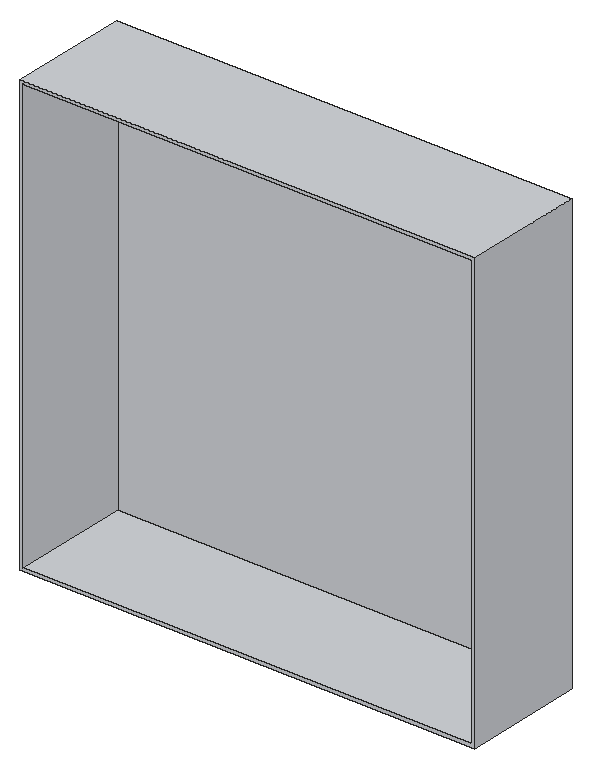
Revit family "Typ.B_TP&N_Cable_Spreader_Boxes_250A-empty-NoHosted-UK-en", category Electrical Equipment, Revit 2020
Family settings
  Panel Configuration = Two Columns, Circuits Across
  Round Connector Dimension = Use Diameter
  Part Type = Panelboard
  Work Plane-Based = Yes
  Always vertical = Yes
  Cut with Voids When Loaded = No
  Shared = No
  Room Calculation Point = No
Parameters (values of type "Surface mounted P2XC W465 H450 D124.5 0 Modular spacings - JK202LE")
  Width Control [instance] = if([HG000006 - Flush mounted], if([EF000846 - Built-in width] > min_whd, [EF000846 - Built-in width], min_whd), if([EF000008 - Width] > min_whd, ([EF000008 - Width]), min_whd))  # 465 mm
  Void Depth [instance] = if([EF000218 - Built-in depth] > 1 mm, [EF000218 - Built-in depth], 1 mm)  # 1 mm
  Type Comments = [HG000003 - Range]  # "Type B TP&N Distribution Boards"
  System Height [instance] = Height Control - 2 * [HG000005 - Thickness]  # 444 mm
  Panel Name [instance] = ""  # (empty or 0)
  Offset [instance] = 0 mm
  Model = [HG000004 - Manufacturer reference]  # "JK202LE"
  Level Offset [instance] = [Flush Mounted - Door Frame Width] + Offset  # 0 mm
  HG000017 - Distance between poles = 18 mm
  HG000016 - Door 3d visibility [instance] = yes
  HG000015 - Clearance visibility [instance] = no
  HG000014 - Door on the right [instance] = yes
  HG000013 - Door on the left [instance] = not([HG000014 - Door on the right])  # no
  HG000012 - Door swing angle [instance] = 45.00°
  HG000011 - Empty rows from bottom = no
  HG000005 - Thickness = 3 mm  # constant formula
  Description = ""
  Default Elevation = 1219.2 mm
  Arrow Offset [instance] = Depth Control / 8  # 15.5 mm
  Arrow Height [instance] = Depth Control - Arrow Offset  # 108.5 mm
  Host Offset [instance] = if([HG000006 - Flush mounted], 0 mm, [EF000049 - Depth])  # 124 mm
  min_whd [instance] = (2 * [HG000005 - Thickness]) + 1 mm  # 7 mm
  Manufacturer = "Hager"  # constant formula
  Height Control [instance] = if([HG000006 - Flush mounted], if([EF000332 - Built-in height] > min_whd, [EF000332 - Built-in height], min_whd), if([EF000040 - Height] > min_whd, ([EF000040 - Height]), min_whd))  # 450 mm
  HG000010 - Asymmetric doors = no
  HG000009 - Double swing door = no
  HG000008 - Number of empty rows = 0
  HG000007 - Number of empty columns = 0
  HG000006 - Flush mounted = no
  HG000004 - Manufacturer reference = "JK202LE"
  HG000003 - Range = "Type B TP&N Distribution Boards"
  HG000002 - With door or cover = no
  HG000001 - Number of columns = 0
  Flush Mounted - Door Frame Width [instance] = if(([EF000040 - Height] - [EF000332 - Built-in height]) > 0 mm, if([HG000006 - Flush mounted], [EF000040 - Height] - [EF000332 - Built-in height], 0 mm), 0 mm)  # 0 mm
  EF015941 - Signal passing door = no
  EF015777 - Neutral terminal block = no
  EF015776 - Earthing terminal block = no
  EF009212 - Cover model = ""
  EF006306 - With lock = no
  EF006244 - Transparent cover/door = no
  EF005474 - Degree of protection (IP) = "EV009848 - IP2XC"
  EF004462 - Type of closure = "EV000154 - Other"
  EF002950 - Width in number of modular spacings = 0
  EF001596 - Material housing = "EV000179 - Steel"
  EF001134 - DIN-rail = no
  EF001131 - Internal depth = 0 mm
  EF001088 - Extension possible = no
  EF001062 - EMC-version = no
  EF000846 - Built-in width = 0 mm
  EF000339 - Type of cover = "EV005746 - Optional"
  EF000332 - Built-in height = 0 mm
  EF000266 - Number of rows = 0
  EF000218 - Built-in depth = 0 mm
  EF000118 - With mounting plate = no
  EF000116 - RAL-number = "7035"
  EF000049 - Depth = 124 mm
  EF000040 - Height = 450 mm
  EF000008 - Width = 465 mm
  EF000007 - Colour = "EV000154 - Other"
  EF000003 - Mounting method = "EV000384 - Surface mounted (plaster)"
  Depth Control [instance] = if([HG000006 - Flush mounted], if([EF000218 - Built-in depth] > 0 mm, [EF000218 - Built-in depth], 1 mm), if([EF000049 - Depth] > 0 mm, ([EF000049 - Depth]), 1 mm))  # 124 mm
Types (2, lengths in mm): name | System Height | Model | Height Control | HG000004 - Manufacturer reference | EF005474 - Degree of protection (IP) | EF000040 - Height
  Surface mounted  W465 H300 D124.5 0 Modular spacings - JK201SE | 294 | "JK201SE" | 300 | "JK201SE" | "" | 300
  Surface mounted P2XC W465 H450 D124.5 0 Modular spacings - JK202LE | 444 | "JK202LE" | 450 | "JK202LE" | "EV009848 - IP2XC" | 450
Reference planes
  plane 1 "Center (Front/Back)": y = 0
  plane 2: z = 0
  plane 3 "Center (Left/Right)": x = 0
  plane 4: y = 3
  plane 5: y = 0
  plane 6: y = 0
  plane 7: z = 0
  plane 8: x = -232.5
  plane 9: x = 232.5
  plane 10: x = 229.5
  plane 11: x = -229.5
  plane 12: z = 0
  plane 13: z = 3
  plane 14: y = -119
  plane 15: y = -124
  plane 16: y = -3
  plane 17: z = 447
  plane 18: z = 450
  plane 19: z = 225
  plane 20: x = 0
  plane 21: y = -100
Forms (mm)
  Extrusion 1, solid
    sketch origin (-208.679, -4572, 0) x (-1, 0, 0) y (0, -1, 0)
      loop
        line (23.821, -4448) -> (-441.179, -4448) -> (-441.179, -4572) -> (23.821, -4572) -> (23.821, -4448)
    from 0 to 450 <- "Height Control"
  Extrusion 2, void
    sketch origin (-350.771, -124, 1219.2) x (1, 0, 0) y (0, 0, 1)
      loop
        line (121.271, -772.2) -> (121.271, -1216.2) -> (580.271, -1216.2) -> (580.271, -772.2) -> (121.271, -772.2)
    from 0 to -121
  Extrusion 3, solid, detail levels coarse+medium
    sketch origin (-350.771, -124, 1219.2) x (-1, 0, 0) y (0, 0, 1)
      loop
        line (-121.271, -772.2) -> (-580.271, -772.2) -> (-580.271, -1216.2) -> (-121.271, -1216.2) -> (-121.271, -772.2)
    from 0 to 3 <- "HG000005 - Thickness"
Cuts and joins
  Extrusion 2 cuts Extrusion 1
Dimensions and locks
  "Flush Mounted - Door Frame Width": plane 1 "Center (Front/Back)" to plane 6
  "HG000005 - Thickness": plane 4 to plane 6
  "HG000005 - Thickness": plane 8 to plane 11
  "HG000005 - Thickness": plane 9 to plane 10
  equal spacing: plane 8, plane 3 "Center (Left/Right)", plane 9
  "Width Control": plane 8 to plane 9
  locked: plane 14 to plane 15 at 5
  "Host Offset": plane 1 "Center (Front/Back)" to plane 15
  "Depth Control": plane 5 to plane 15
  "HG000005 - Thickness": plane 5 to plane 16
  "HG000005 - Thickness": plane 13 to plane 12
  "Level Offset": plane 12 to level
  "HG000005 - Thickness": plane 18 to plane 17
  "Height Control": plane 18 to plane 12
  "Arrow Offset": plane 5 to nested 4
  equal spacing: plane 18, plane 19, plane 12
  locked: connector elem to plane 19
  locked: connector elem to plane 3 "Center (Left/Right)"
  aligned and locked: nested 1 to plane 14
  aligned and locked: plane 3 "Center (Left/Right)" to nested 1
  aligned and locked: plane 3 "Center (Left/Right)" to nested 2
  aligned and locked: nested 2 to plane 15
  aligned and locked: plane 5 to Extrusion 1
  aligned and locked: Extrusion 3 sketch curve to plane 17
  aligned and locked: Extrusion 3 sketch curve to plane 11
  aligned and locked: Extrusion 3 sketch curve to plane 13
  aligned and locked: Extrusion 3 sketch curve to plane 10
  aligned and locked: Extrusion 2 sketch curve to plane 13
  aligned and locked: Extrusion 2 sketch curve to plane 10
  aligned and locked: Extrusion 2 sketch curve to plane 17
  aligned and locked: Extrusion 2 sketch curve to plane 11
  aligned and locked: plane 16 to Extrusion 2
  aligned and locked: plane 5 to Extrusion 1 sketch curve
  aligned and locked: plane 9 to Extrusion 1 sketch curve
  aligned and locked: plane 8 to Extrusion 1 sketch curve
  aligned and locked: plane 8 to nested 4
  aligned and locked: plane 8 to nested 3
  aligned and locked: nested 3 to plane 5
  aligned and locked: Extrusion 1 sketch curve to plane 15
  aligned and locked: Extrusion 2 to plane 15
Nested families
  nested 1: "Hager_Enclosure_System" at (0, -119, 3), Flush_Mounted <- "HG000006 - Flush mounted", Width <- "EF000008 - Width", Height <- "System Height", Width_Control <- "Width Control", Row_Module_Multiplicator <- "EF002950 - Width in number of modular spacings", Empty_Columns <- "HG000007 - Number of empty columns", Built-in_Width <- "EF000846 - Built-in width", Border <- "HG000005 - Thickness", Total_No_Empty_Rows <- "HG000008 - Number of empty rows", Depth <- "HG000005 - Thickness", Empty_Rows_From_Bottom <- "HG000011 - Empty rows from bottom", Distance_Between_Poles <- "HG000017 - Distance between poles", Rows_Count <- "EF000266 - Number of rows", Columns_Count <- "HG000001 - Number of columns", type "Hager_Enclosure_System", detail levels medium+fine
    with Width_Control 465 mm, Width 465 mm, Total_No_Rows 0, Total_No_Empty_Rows 0, Total_No_Columns 1, System_Width 459 mm, Rows_Count 0, Rows_Column 0, Row_Module_Multiplicator 0, Panel_4 no, Panel_3 no, Panel_2 no, Panel_1 no, No_Panels_Ctrl 1, Hide_Columns yes, Height 444 mm, Flush_Mounted no, Empty_Rows_From_Bottom no, Empty_Rows_Column 0, Empty_Columns 0, Distance_Between_Poles 18 mm, Depth 3 mm, Columns_Count 0, Column_Width 459 mm, Built-in_Width 0 mm, Border 3 mm
  nested 2: "Hager_Enclosure_Door" at (0, -124, 0), Double <- "HG000009 - Double swing door", Height_Ctrl <- "Height Control", Transparent <- "EF006244 - Transparent cover/door", Depth <- "EF000049 - Depth", Height <- "EF000040 - Height", Angle <- "HG000012 - Door swing angle", Door_Right <- "HG000014 - Door on the right", Assymetrical <- "HG000010 - Asymmetric doors", Flush_Mounted <- "HG000006 - Flush mounted", BuiltIn_Depth <- "EF000218 - Built-in depth", BuiltIn_Width <- "EF000846 - Built-in width", Door <- "HG000002 - With door or cover", Width_Ctrl <- "Width Control", 3d_Door <- "HG000016 - Door 3d visibility", Width <- "EF000008 - Width", Border <- "HG000005 - Thickness", BuiltIn_Height <- "EF000332 - Built-in height", Clearance <- "HG000015 - Clearance visibility", Door_Left <- "HG000013 - Door on the left", type "Hager_Enclosure_Door", detail levels medium+fine
    with min_wh 7 mm, Width_Ctrl 465 mm, Width 465 mm, Transparent_Door_No_Bottom_Border no, Transparent no, Leaf_Width 456 mm, Leaf_Tolerance 1.5 mm, Leaf_Height 441 mm, Leaf_2_Width 456 mm, Leaf_2_Offset 228 mm, Leaf_1_Width 456 mm, Leaf_1_Offset 228 mm, Height_Ctrl 450 mm, Height 450 mm, Frame_Width_Ctrl 465 mm, Frame_Width 465 mm, Frame_Internal_Offset 0 mm, Frame_Height_Ctrl 450 mm, Frame_Height 450 mm, Frame_Depth_Ctrl 1 mm, Frame_Depth 0 mm, Flush_Mounted no, Double_Clearance_Ctrl no, Double no, Door_Right_Ctrl no, Door_Right yes, Door_Left_Ctrl no, Door_Left no, Door no, Depth 124 mm, Clearance_Depth 456 mm, Clearance_Ctrl no, Clearance no, BuiltIn_Width 0 mm, BuiltIn_Height 0 mm, BuiltIn_Depth 0 mm, Border 3 mm, Assymetrical no, Angle 45.00°, 3d_Door yes
  nested 3: "Hager_Enclosure_Symbol_Triangle" at (-232.5, 0, 0), Depth <- "Depth Control", Width <- "Width Control", type "Hager_Enclosure_Symbol_Triangle"
    with Width_Ctrl 465 mm, Width 465 mm, Depth_Ctrl 124 mm, Depth 124 mm
  nested 4: "Hager_Enclosure_Symbol_Arrow" at (-232.5, -15.5, 0), Height <- "Arrow Height", type "Hager_Enclosure_Symbol_Arrow"
    with Width_Inside 8.137 mm, Width 97.65 mm, Height_Ctrl 108.5 mm, Height 108.5 mm
Connectors
  electrical at (0, 0, 225)
    settings: on plane 5, index 1, voltage 0 V, apparent load 0 VA, apparent load phase1 0 VA, apparent load phase2 0 VA, apparent load phase3 0 VA, power factor 1, load classification "Other", number of poles 1, system type 30, power factor state 1, is connector primary yes, connector utility no, sub classification motor no, connector description ""
Definition of nested family "Hager_Enclosure_Door"
  Parameters (values of type "Hager_Enclosure_Door")
    min_wh [instance] = (2 * Border) + 1 mm  # 11 mm
    Width_Ctrl [instance] = 400 mm
    Width [instance] = 500 mm
    Transparent_Door_No_Bottom_Border [instance] = no
    Transparent [instance] = yes
    Leaf_Width [instance] = if((Width_Ctrl - 2 * Border - 2 * Leaf_Tolerance) > 0 mm, (Width_Ctrl - 2 * Border - 2 * Leaf_Tolerance), min_wh)  # 387 mm
    Leaf_Tolerance [instance] = 1.5 mm  # constant formula
    Leaf_Height [instance] = if((Height_Ctrl - 2 * Border - 2 * Leaf_Tolerance) > 0 mm, (Height_Ctrl - 2 * Border - 2 * Leaf_Tolerance), min_wh)  # 387 mm
    Leaf_2_Width [instance] = if(and(and(Double, Assymetrical), Door_Left), (Leaf_Width / 3) - (Leaf_Tolerance / 2), if(and(and(Double, Assymetrical), Door_Right), (Leaf_Width / 3) * 2 - (Leaf_Tolerance / 2), if(and(Double, not(Assymetrical)), (Leaf_Width / 2) - Leaf_Tolerance, Leaf_Width)))  # 387 mm
    Leaf_2_Offset [instance] = if(and(Double, Assymetrical), Leaf_2_Width / 2, if(and(Double, not(Assymetrical)), Leaf_Width / 4, Leaf_Width / 2))  # 193.5 mm
    Leaf_1_Width [instance] = if(and(and(Double, Assymetrical), Door_Right), (Leaf_Width / 3) - (Leaf_Tolerance / 2), if(and(and(Double, Assymetrical), Door_Left), (Width / 3) * 2 - (Leaf_Tolerance / 2), if(and(Double, not(Assymetrical)), (Leaf_Width / 2) - Leaf_Tolerance, Leaf_Width)))  # 387 mm
    Leaf_1_Offset [instance] = if(and(Double, Assymetrical), Leaf_1_Width / 2, if(and(Double, not(Assymetrical)), Leaf_Width / 4, Leaf_Width / 2))  # 193.5 mm
    Height_Ctrl [instance] = 400 mm
    Height [instance] = 500 mm
    Frame_Width_Ctrl [instance] = if(Frame_Width > 0 mm, Frame_Width, 1 mm)  # 1 mm
    Frame_Width [instance] = Width - BuiltIn_Width  # 0 mm
    Frame_Internal_Offset [instance] = if(Flush_Mounted, Border, 0 mm)  # 5 mm
    Frame_Height_Ctrl [instance] = if(Frame_Height > 0 mm, Frame_Height, 1 mm)  # 1 mm
    Frame_Height [instance] = Height - BuiltIn_Height  # 0 mm
    Frame_Depth_Ctrl [instance] = if(Frame_Depth > 0 mm, Frame_Depth, 1 mm)  # 1 mm
    Frame_Depth [instance] = if(Depth - BuiltIn_Depth > 0 mm, if(Flush_Mounted, Depth - BuiltIn_Depth, 0 mm), 0 mm)  # 0 mm
    Flush_Mounted [instance] = yes
    Double_Clearance_Ctrl [instance] = and(Double, Clearance)  # no
    Double [instance] = no
    Door_Right_Ctrl [instance] = and(or(Door_Right, Double), Door)  # yes
    Door_Right [instance] = yes
    Door_Left_Ctrl [instance] = and(or(Door_Left, Double), Door)  # no
    Door_Left [instance] = no
    Door [instance] = yes
    Depth [instance] = 500 mm
    Default Elevation = 1219.2 mm
    Clearance_Material = none
    Clearance_Depth [instance] = if(Leaf_1_Width > Leaf_2_Width, Leaf_1_Width, Leaf_2_Width)  # 387 mm
    Clearance_Ctrl [instance] = and(not(Double), Clearance)  # yes
    Clearance [instance] = yes
    BuiltIn_Width [instance] = 500 mm
    BuiltIn_Height [instance] = 500 mm
    BuiltIn_Depth [instance] = 500 mm
    Border [instance] = 5 mm
    Assymetrical [instance] = yes
    Angle [instance] = 30.00°
    3d_Door [instance] = yes
  Reference planes
    plane 1 "Center (Front/Back)": y = 0
    plane 2 "Bottom": z = 0
    plane 3 "Center (Left/Right)": x = 0
    plane 4: z = 400
    plane 5: x = -200
    plane 6: x = 200
    plane 7: z = 395
    plane 8: x = -195
    plane 9: z = 5
    plane 10: x = 195
    plane 11: y = 0
    plane 12: z = 6.5
    plane 13: x = -582
    plane 14: y = -387
    plane 15: x = 582
    plane 16: x = 0
    plane 17: x = 0
    plane 18: x = -193.5
    plane 19: x = 193.5
    plane 20: z = 393.5
  Forms (mm)
    Extrusion 1, solid, visible <- "Flush_Mounted"
      sketch origin (0, 0, 0) x (1, 0, 0) y (0, 0, 1)
        loop
          line (195, 5) -> (195, 395) -> (-195, 395) -> (-195, 5) -> (195, 5)
        loop
          line (-201, 401) -> (-201, -1) -> (201, -1) -> (201, 401) -> (-201, 401)
      from 0 to 1 <- "Frame_Depth_Ctrl"
    Extrusion 2, solid, material <- "Clearance_Material", visible <- "Double_Clearance_Ctrl"
      sketch origin (1200, 0, 0) x (1, 0, 0) y (0, 0, -1)
        loop
          line (-1782, -393.5) -> (-618, -393.5) -> (-618, 0) -> (-1782, 0) -> (-1782, -393.5)
      from 0 to -387
  Dimensions and locks
    equal spacing: plane 5, plane 3 "Center (Left/Right)", plane 6
    "Width_Ctrl": plane 5 to plane 6
    "Border": plane 5 to plane 8
    "Border": plane 6 to plane 10
    "Border": plane 9 to level
    "Border": plane 4 to plane 7
    "Height_Ctrl": plane 4 to level
    "Leaf_Tolerance": plane 12 to plane 9
    "Frame_Depth": plane 11 to plane 1 "Center (Front/Back)"
    "Frame_Width_Ctrl": plane 5 to Extrusion 1 sketch curve
    "Frame_Width_Ctrl": plane 6 to Extrusion 1 sketch curve
    "Frame_Width_Ctrl": Extrusion 1 sketch curve to plane 4
    "Frame_Width_Ctrl": plane 2 "Bottom" to Extrusion 1 sketch curve
    "Leaf_1_Offset": plane 18 to plane 16
    "Leaf_2_Offset": plane 17 to plane 19
    "Leaf_1_Width": plane 13 to plane 8
    "Leaf_2_Width": plane 10 to plane 15
    "Clearance_Depth": plane 14 to plane 1 "Center (Front/Back)"
    "Leaf_Tolerance": plane 8 to plane 18
    "Leaf_Tolerance": plane 19 to plane 10
    "Leaf_Tolerance": plane 7 to plane 20
    "Frame_Internal_Offset": plane 5 to Extrusion 1 sketch curve
    "Frame_Internal_Offset": Extrusion 1 sketch curve to plane 2 "Bottom"
    "Frame_Internal_Offset": plane 6 to Extrusion 1 sketch curve
    "Frame_Internal_Offset": plane 4 to Extrusion 1 sketch curve
    aligned and locked: level to plane 2 "Bottom"
    aligned and locked: nested 1 to plane 16
    aligned and locked: nested 2 to plane 17
    aligned and locked: Extrusion 2 to plane 13
    aligned and locked: plane 15 to Extrusion 2
    aligned and locked: Extrusion 2 to plane 14
    aligned and locked: plane 12 to nested 1
    aligned and locked: nested 2 to plane 12
    aligned and locked: Extrusion 2 to plane 11
    aligned and locked: plane 20 to Extrusion 2
    aligned and locked: nested 2 to plane 11
    aligned and locked: nested 1 to plane 11
  Automatic sketch dimensions
    Extrusion 2 sketch curve to level = 0 mm
    plane 5 to Extrusion 2 sketch curve = 382 mm
    plane 6 to Extrusion 2 sketch curve = 382 mm
    Extrusion 2 sketch curve to plane 4 = 6.5 mm
  Nested families
    nested 1: "Hager_Enclosure_Door_Leaf" at (0, 0, 6.5), Width <- "Leaf_1_Width", visible <- "Door_Left_Ctrl", Leaf_Height <- "Leaf_Height", Angle <- "Angle", Depth <- "Border", 3d_Door <- "3d_Door", Transparent <- "Transparent", Clearance Material <- "Clearance_Material", Clearance <- "Clearance_Ctrl", Transparent_Door_No_Bottom_Border <- "Transparent_Door_No_Bottom_Border", type "Hager_Enclosure_Door_Leaf"
      with Width 387 mm, Transparent_Door_No_Bottom_Border no, Transparent_Door_Border_Bottom_Top 25 mm, Transparent_Door_Border 25 mm, Transparent_Ctrl yes, Transparent yes, Standard no, Leaf_Height 387 mm, Glass_Offset 1 mm, Depth 5 mm, Clearance Material none, Clearance yes, Angle_Ctrl 30.00°, Angle 30.00°, 3d_Door yes
    nested 2: "Hager_Enclosure_Door_Leaf" at (0, 0, 6.5) x (-1, 0, 0) z (0, 0, 1), Width <- "Leaf_2_Width", visible <- "Door_Right_Ctrl", Leaf_Height <- "Leaf_Height", Angle <- "Angle", Depth <- "Border", 3d_Door <- "3d_Door", Transparent <- "Transparent", Clearance Material <- "Clearance_Material", Clearance <- "Clearance_Ctrl", Transparent_Door_No_Bottom_Border <- "Transparent_Door_No_Bottom_Border", type "Hager_Enclosure_Door_Leaf"
      with Width 387 mm, Transparent_Door_No_Bottom_Border no, Transparent_Door_Border_Bottom_Top 25 mm, Transparent_Door_Border 25 mm, Transparent_Ctrl yes, Transparent yes, Standard no, Leaf_Height 387 mm, Glass_Offset 1 mm, Depth 5 mm, Clearance Material none, Clearance yes, Angle_Ctrl 30.00°, Angle 30.00°, 3d_Door yes
  Definition of nested family "Hager_Enclosure_Door_Leaf"
    Parameters (values of type "Hager_Enclosure_Door_Leaf")
      Width [instance] = 2000 mm
      Transparent_Door_No_Bottom_Border [instance] = yes
      Transparent_Door_Border_Bottom_Top [instance] = if(Transparent_Door_No_Bottom_Border, 0.1 mm, Transparent_Door_Border)  # 0.1 mm
      Transparent_Door_Border [instance] = if(Transparent_Door_No_Bottom_Border, (Width * 0.12), 25 mm)  # 240 mm
      Transparent_Ctrl [instance] = and(Transparent, [3d_Door])  # yes
      Transparent [instance] = yes
      Standard [instance] = and(not(Transparent), [3d_Door])  # no
      Leaf_Height [instance] = 2720.336 mm
      Glass_Offset [instance] = if((Depth - 10 mm) / 2 > 0 mm, (Depth - 10 mm) / 2, 1 mm)  # 15 mm
      Glass_Material = none
      Depth [instance] = 40 mm
      Default Elevation = 0 mm
      Clearance Material [instance] = none
      Clearance [instance] = yes
      Angle_Ctrl [instance] = if(Angle > 170.00°, 170.00°, Angle)  # 45.00°
      Angle [instance] = 45.00°
      3d_Door [instance] = yes
    Reference planes
      plane 1 "Center (Front/Back)": y = 0
      plane 2: z = 0
      plane 3 "Center (Left/Right)": x = 0
      plane 4: y = 2000
      plane 5: x = -1000
      plane 6: x = 1000
      plane 7: x = -3000
      plane 8: z = 2720.336
      plane 9: z = 0.1
      plane 10: z = 2720.236
      plane 11: x = 760
      plane 12: x = -760
    Forms (mm)
      Extrusion 1, solid, material <- "Clearance Material", visible <- "Clearance"
        sketch origin (0, 0, 0) x (1, 0, 0) y (0, 0, 1)
          loop
            line (-3000, 2720.336) -> (-3000, 0) -> (1000, 0) -> (1000, 2720.336) -> (-3000, 2720.336)
        from 0 to -2000
      Extrusion 2, solid, visible <- "Standard", detail levels medium+fine
        sketch origin (-1000, 0, 0) x (0.707107, 0.707107, 0) y (-0.707107, 0.707107, 0)
          loop
            line (0, -40) -> (2000, -40) -> (2000, 0) -> (0, 0) -> (0, -40)
        from 0 to 2720.336 <- "Leaf_Height"
      Extrusion 3, solid, visible <- "Transparent_Ctrl", detail levels medium+fine
        sketch origin (-1000, 0, 0) x (0.707107, 0.707107, 0) y (-0.707107, 0.707107, 0)
          loop
            line (0, -40) -> (2000, -40) -> (2000, 0) -> (0, 0) -> (0, -40)
        from 0 to 2720.336 <- "Leaf_Height"
      Extrusion 4, void, detail levels medium+fine
        sketch origin (-1000, 0, 0) x (-0.707107, 0.707107, 0) y (0.707107, 0.707107, 0)
          loop
            line (0, 240) -> (0, 1760) -> (-40, 1760) -> (-40, 240) -> (0, 240)
        from -2720.236 to -0.1
      Extrusion 5, solid, material <- "Glass_Material", visible <- "Transparent_Ctrl", detail levels medium+fine
        sketch origin (-1000, 0, 0) x (0.707107, 0.707107, 0) y (-0.707107, 0.707107, 0)
          loop
            line (240, -15) -> (240, -25) -> (1760, -25) -> (1760, -15) -> (240, -15)
        from 0.1 to 2720.236
    Cuts and joins
      Extrusion 4 cuts Extrusion 3
    Lines and regions (mm)
      symbolic lines
        curve 1: line (1000, 0, 0) -> (-3000, 0, 0)
        curve 2: arc (1000, 0, 0) -> (-1000, 2000, 0) -> (-3000, 0, 0) r 2000
        curve 4: line (-1000, 0, 0) -> (414.214, 1414.214, 0)
      reference lines
        curve 3: line (-1000, 0, 0) -> (414.214, 1414.214, 0)
      symbolic lines, detail levels medium+fine
        curve 5: line (414.214, 1414.214, 0) -> (442.498, 1385.929, 0)
        curve 6: line (442.498, 1385.929, 0) -> (-971.716, -28.284, 0)
        curve 7: line (-971.716, -28.284, 0) -> (-1000, 0, 0)
        curve 8: line (-1000, 0, 2720.336) -> (1000, 0, 2720.336)
        curve 9: line (-1000, 0, 0) -> (-1000, 0, 2720.336)
        curve 10: line (1000, 0, 0) -> (-1000, 0, 0)
        curve 11: line (1000, 0, 2720.336) -> (1000, 0, 0)
      symbolic lines, visible <- "Transparent_Ctrl", detail levels medium+fine
        curve 12: line (-760, 0, 2720.236) -> (760, 0, 2720.236)
        curve 13: line (-760, 0, 0.1) -> (-760, 0, 2720.236)
        curve 14: line (760, 0, 0.1) -> (-760, 0, 0.1)
        curve 15: line (760, 0, 2720.236) -> (760, 0, 0.1)
    Dimensions and locks
      "Width": plane 1 "Center (Front/Back)" to plane 4
      equal spacing: plane 5, plane 3 "Center (Left/Right)", plane 6
      "Width": plane 5 to plane 6
      "Width": plane 7 to plane 5
      "Leaf_Height": plane 8 to level
      "Depth": curve 6 to curve 3
      "Width": curve 5 to curve 3
      "Width": curve 3 to curve 3
      "Transparent_Door_Border": Extrusion 4 sketch curve to curve 7
      "Transparent_Door_Border": Extrusion 4 sketch curve to curve 5
      "Transparent_Door_Border_Bottom_Top": plane 8 to plane 10
      "Transparent_Door_Border_Bottom_Top": plane 9 to level
      "Glass_Offset": Extrusion 5 sketch curve to curve 4
      "Glass_Offset": Extrusion 5 sketch curve to curve 6
      "Transparent_Door_Border": Extrusion 5 sketch curve to curve 5
      "Transparent_Door_Border": Extrusion 5 sketch curve to curve 7
      "Transparent_Door_Border": plane 12 to plane 5
      "Transparent_Door_Border": plane 6 to plane 11
      "Angle_Ctrl": angle plane 1 "Center (Front/Back)" to curve 3
      aligned and locked: level to plane 2
      aligned and locked: Extrusion 1 to curve 1
      aligned and locked: plane 6 to Extrusion 1
      aligned and locked: Extrusion 1 to plane 1 "Center (Front/Back)"
      aligned and locked: plane 4 to Extrusion 1
      aligned and locked: plane 8 to Extrusion 1
      aligned and locked: curve 4 to curve 3
      aligned and locked: Extrusion 2 sketch curve to curve 7
      aligned and locked: Extrusion 2 sketch curve to curve 6
      aligned and locked: Extrusion 2 sketch curve to curve 5
      aligned and locked: Extrusion 2 sketch curve to curve 3
      aligned and locked: curve 7 to Extrusion 3 sketch curve
      aligned and locked: Extrusion 3 sketch curve to curve 4
      aligned and locked: Extrusion 3 sketch curve to curve 6
      aligned and locked: Extrusion 3 sketch curve to curve 5
      aligned and locked: curve 4 to Extrusion 4 sketch curve
      aligned and locked: curve 6 to Extrusion 4 sketch curve
      aligned and locked: Extrusion 4 to plane 9
      aligned and locked: Extrusion 4 to plane 10
      aligned and locked: Extrusion 5 to plane 9
      aligned and locked: Extrusion 5 to plane 10
      aligned and locked: curve 8 to plane 8
      aligned and locked: plane 5 to curve 9
      aligned and locked: plane 2 to curve 10
      aligned and locked: curve 11 to plane 6
      aligned and locked: plane 10 to curve 12
      aligned and locked: plane 12 to curve 13
      aligned and locked: curve 14 to plane 9
      aligned and locked: plane 11 to curve 15
    Automatic sketch dimensions
      plane 1 "Center (Front/Back)" to curve 2 = 0 mm
      curve 2 to plane 5 = 0 mm
      Extrusion 1 sketch curve to level = 0 mm
      Extrusion 1 sketch curve to plane 7 = 0 mm
      Extrusion 1 sketch curve to plane 6 = 0 mm
      Extrusion 1 sketch curve to plane 8 = 0 mm
      plane 1 "Center (Front/Back)" to curve 3 = 0 mm
      curve 3 to plane 5 = 0 mm
      curve 7 to curve 3 = 0 mm
Definition of nested family "Hager_Enclosure_Symbol_Triangle"
  Parameters (values of type "Hager_Enclosure_Symbol_Triangle")
    Width_Ctrl [instance] = if(Width > 1 mm, Width, 1 mm)  # 498 mm
    Width [instance] = 498 mm
    Depth_Ctrl [instance] = if(Depth > 1 mm, Depth, 1 mm)  # 72 mm
    Depth [instance] = 72 mm
  Reference planes
    plane 1 "Centre (avant/arrière)": y = 0
    plane 2: z = 0
    plane 3 "Centre (gauche/droite)": x = 0
  Lines and regions (mm)
    Filled region 1, type "Solid_Black", in view "Niveau de réf."
      outline origin (0, 0, 0) x (1, 0, 0) y (0, 1, 0)
        loop
          line (0, 0) -> (498, 0) -> (498, 72) -> (0, 0)
    reference lines, in view "Niveau de réf."
      curve 1: line (-206.153, 72, 0) -> (1083.258, 72, 0)
      curve 2: line (498, 405.456, 0) -> (498, -517.619, 0)
  Dimensions and locks
    "Depth_Ctrl": plane 1 "Centre (avant/arrière)" to curve 1
    "Width_Ctrl": plane 3 "Centre (gauche/droite)" to curve 2
    aligned and locked: curve 1 to Filled region 1 sketch curve
    aligned and locked: Filled region 1 sketch curve to plane 1 "Centre (avant/arrière)"
    aligned and locked: curve 2 to Filled region 1 sketch curve
    aligned and locked: plane 3 "Centre (gauche/droite)" to Filled region 1 sketch curve
    aligned and locked: plane 1 "Centre (avant/arrière)" to Filled region 1 sketch curve
  Automatic sketch dimensions
    curve 1 to plane 3 "Centre (gauche/droite)" = 206.153 mm
    curve 2 to curve 1 = 585.258 mm
    plane 1 "Centre (avant/arrière)" to curve 2 = 517.619 mm
    curve 2 to plane 1 "Centre (avant/arrière)" = 405.456 mm
Definition of nested family "Hager_Enclosure_Symbol_Arrow"
  Parameters (values of type "Hager_Enclosure_Symbol_Arrow")
    Width_Inside [instance] = if(Width / 12 > 2 mm, Width / 12, 2 mm)  # 4.987 mm
    Width [instance] = if(Height_Ctrl * 0.9 > 2 mm, Height_Ctrl * 0.9, 2 mm)  # 59.85 mm
    Height_Ctrl [instance] = if(Height > 2 mm, Height, 2 mm)  # 66.5 mm
    Height [instance] = 66.5 mm
  Reference planes
    plane 1 "Centre (avant/arrière)": y = 0
    plane 2: z = 0
    plane 3 "Centre (gauche/droite)": x = 0
    plane 4: x = 59.85
    plane 5: y = 28.263
    plane 6: y = 38.238
    plane 7: y = 66.5
    plane 8: x = 29.925
    plane 9: y = 33.25
  Lines and regions (mm)
    Filled region 1, type "Solid_Black", in view "Niveau de réf."
      outline origin (0, 0, 0) x (1, 0, 0) y (0, 1, 0)
        loop
          line (59.85, 66.5) -> (37.929, 52.827) -> (51.846, 41.935) -> (59.85, 66.5)
    detail lines, in view "Niveau de réf."
      curve 1: line (0, 0, 0) -> (29.925, 38.238, 0)
      curve 2: line (29.925, 38.238, 0) -> (29.925, 28.263, 0)
      curve 3: line (29.925, 28.263, 0) -> (59.85, 66.5, 0)
  Dimensions and locks
    "Width": plane 3 "Centre (gauche/droite)" to plane 4
    "Height_Ctrl": plane 7 to plane 1 "Centre (avant/arrière)"
    equal spacing: plane 3 "Centre (gauche/droite)", plane 8, plane 4
    equal spacing: plane 7, plane 9, plane 1 "Centre (avant/arrière)"
    equal spacing: plane 6, plane 9, plane 5
    "Width_Inside": plane 6 to plane 9
    equal spacing: curve 3, Filled region 1 sketch curve, Filled region 1 sketch curve
    angle Filled region 1 sketch curve to curve 3 = 20.00°
    angle curve 3 to Filled region 1 sketch curve = 20.00°
    locked: curve 3 to Filled region 1 sketch curve (angle 90.00°)
  Automatic sketch dimensions
    plane 1 "Centre (avant/arrière)" to curve 1 = 0 mm
    curve 1 to plane 3 "Centre (gauche/droite)" = 0 mm
    curve 2 to plane 6 = 0 mm
    curve 3 to plane 8 = 0 mm
    curve 3 to plane 4 = 0 mm
    curve 2 to plane 5 = 0 mm
    curve 3 to plane 7 = 0 mm
    Filled region 1 sketch curve to plane 4 = 0 mm
    Filled region 1 sketch curve to plane 7 = 0 mm
